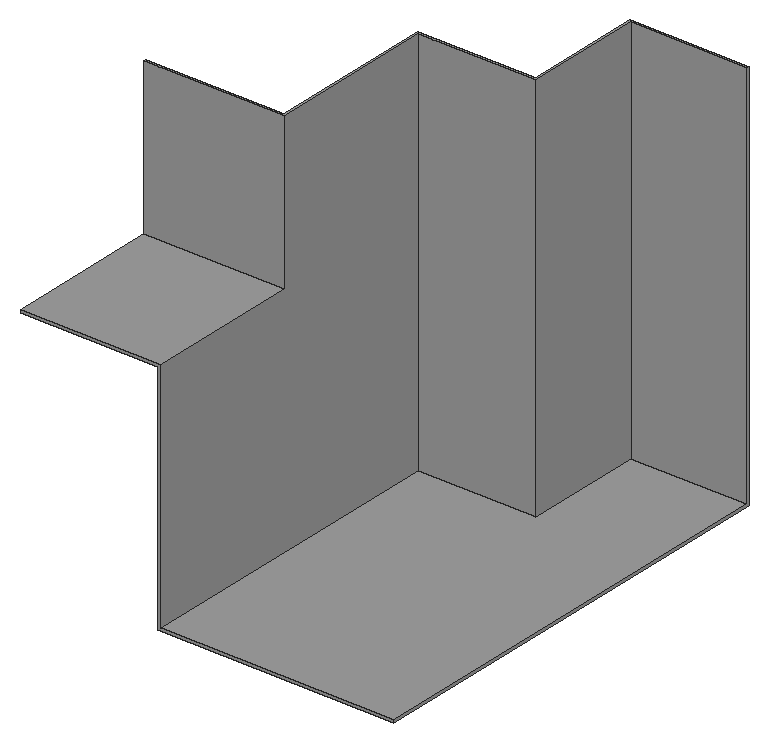
Revit family "Flashing_Preformed_Hyload_WindowSeal", category Generic Models, Revit 2013
Parameters (values of type "As Specified")
  Upper Height = 0' - 4"
  Unit Width = 1' - 0"
  Unit Height = 0' - 4"
  Unit Depth = 0' - 6"
  URL = "http://www.hyload.com/"
  Thickness = 0' - 0 1/16"
  Specification = "http://www.arcat.com/sdspecs/htm04/07_65_00hyl.htm"
  Sales Information = "http://www.hyload.com/contact-us"
  Revision = "R1_12-2015"
  Product Properties = "http://www.hyload.com/masonry-flashing/preformed-shapes/"
  Product Data = "http://www.arcat.com/arcatcos/cos33/arc33176.html"
  Model = "Window Seal"
  Manufacturer Website = "http://www.hyload.com/"
  Manufacturer Phone - Toll Free = "800-457-4056"
  Manufacturer Phone = "330-769-3546"
  Manufacturer Fax = "330-769-4153"
  Manufacturer Address = "5020 Panther Pkwy., Seville, OH 44273"
  Manufacturer = "Hyload"
  Lower Height = 0' - 6"
  Keynote = "07 65 00"
  Flashing Material = Hyload Flashing Membrane - Grey
  Drawn By = "Robert S. Weygant / Sumex Design"
  Description = "Preformed Hyload Masonry Flashing - Window Seal"
  Copyright = "(c) ARCAT, Inc, 2015"
  Construction Details = "http://www.arcat.com/details/hyload/hyload.html?coid=33176"
  Assembly Code = "B3010400"
Reference planes (in)
  plane 1 "Center (Front/Back)": y = 0
  plane 2: z = 0
  plane 3 "Center (Left/Right)": x = 0
  plane 4: y = 7.25
  plane 5: x = 6
  plane 6 "WinPlane": z = 6
  plane 7: x = 22
  plane 8: y = -4
  plane 9: x = 3
  plane 10: y = 4.25
  plane 11: z = 10
  plane 12: x = -3.5
Forms (in)
  Extrusion 1, solid, material "Hyload Flashing Membrane - Grey" <- "Flashing Material"
    sketch origin (0, 0, 0) x (1, 0, 0) y (0, 1, 0)
      loop
        line (6, 7.25) -> (3, 7.25) -> (3, 4.25) -> (0, 4.25) -> (0, -4) -> (6, -4) -> (6, 7.25)
    from 0 to 0.0625 <- "Thickness"
  Extrusion 2, solid, material "Hyload Flashing Membrane - Grey" <- "Flashing Material"
    sketch origin (0, 0, 0) x (1, 0, 0) y (0, 1, 0)
      loop
        line (6, 7.25) -> (3, 7.25) -> (3, 4.25) -> (0, 4.25) -> (0, -4) -> (0.0625, -4) -> (0.0625, 4.1875) -> (3.0625, 4.1875) -> (3.0625, 7.1875) -> (6, 7.1875) -> (6, 7.25)
    from 0 to 6
  Extrusion 3, solid, material "Hyload Flashing Membrane - Grey" <- "Flashing Material"
    sketch origin (0, 0, 6) x (-1, 0, 0) y (0, -1, 0)
      loop
        line (3.5, 0) -> (3.5, 4) -> (-0.0625, 4) -> (-0.0625, 0) -> (3.5, 0)
    from 0 to 0.0625 <- "Thickness"
  Extrusion 4, solid, material "Hyload Flashing Membrane - Grey" <- "Flashing Material"
    sketch origin (0, 0, 6) x (-1, 0, 0) y (0, -1, 0)
      loop
        line (-6, -7.25) -> (-3, -7.25) -> (-3, -4.25) -> (0, -4.25) -> (0, 0) -> (3.5, 0) -> (3.5, 0.0625) -> (-0.0625, 0.0625) -> (-0.0625, -4.1875) -> (-3.0625, -4.1875) -> (-3.0625, -7.1875) -> (-6, -7.1875) -> (-6, -7.25)
    from 0 to 4 <- "Upper Height"
Cuts and joins
  joined: Extrusion 1, Extrusion 2, Extrusion 3, Extrusion 4
Dimensions and locks (in)
  "Lower Height": plane 6 "WinPlane" to level
  locked: plane 4 to plane 8 at 11.25
  plane 8 to plane 1 "Center (Front/Back)" = 0' - 4"
  plane 1 "Center (Front/Back)" to plane 10 = 0' - 4 1/4"
  locked: plane 3 "Center (Left/Right)" to plane 9 at 3
  "Thickness": plane 3 "Center (Left/Right)" to Extrusion 2 sketch curve
  "Thickness": plane 10 to Extrusion 2 sketch curve
  "Thickness": plane 9 to Extrusion 2 sketch curve
  "Thickness": plane 4 to Extrusion 2 sketch curve
  "Upper Height": plane 11 to plane 6 "WinPlane"
  plane 12 to plane 3 "Center (Left/Right)" = 0' - 3 1/2"
  "Thickness": Extrusion 4 sketch curve to plane 1 "Center (Front/Back)"
  "Thickness": plane 3 "Center (Left/Right)" to Extrusion 4 sketch curve
  "Thickness": plane 10 to Extrusion 4 sketch curve
  "Thickness": plane 9 to Extrusion 4 sketch curve
  "Thickness": plane 4 to Extrusion 4 sketch curve
  aligned and locked: plane 2 to level
  aligned and locked: plane 4 to Extrusion 1 sketch curve
  aligned and locked: plane 9 to Extrusion 1 sketch curve
  aligned and locked: Extrusion 1 sketch curve to plane 8
  aligned and locked: Extrusion 1 sketch curve to plane 3 "Center (Left/Right)"
  aligned and locked: plane 10 to Extrusion 1 sketch curve
  aligned and locked: Extrusion 2 sketch curve to plane 3 "Center (Left/Right)"
  aligned and locked: plane 10 to Extrusion 2 sketch curve
  aligned and locked: plane 9 to Extrusion 2 sketch curve
  aligned and locked: plane 4 to Extrusion 2 sketch curve
  aligned and locked: plane 5 to Extrusion 2 sketch curve
  aligned and locked: Extrusion 2 sketch curve to plane 8
  aligned and locked: plane 6 "WinPlane" to Extrusion 2
  aligned and locked: plane 1 "Center (Front/Back)" to Extrusion 3 sketch curve
  aligned and locked: plane 12 to Extrusion 3 sketch curve
  aligned and locked: Extrusion 3 sketch curve to Extrusion 1
  aligned and locked: plane 5 to Extrusion 4 sketch curve
  aligned and locked: plane 4 to Extrusion 4 sketch curve
  aligned and locked: plane 9 to Extrusion 4 sketch curve
  aligned and locked: plane 10 to Extrusion 4 sketch curve
  aligned and locked: Extrusion 4 sketch curve to plane 3 "Center (Left/Right)"
  aligned and locked: Extrusion 4 sketch curve to plane 1 "Center (Front/Back)"
  aligned and locked: Extrusion 4 sketch curve to plane 12
  aligned and locked: Extrusion 3 sketch curve to Extrusion 2
Automatic sketch dimensions
  Extrusion 1 sketch curve to plane 5 = 0' - 0"
